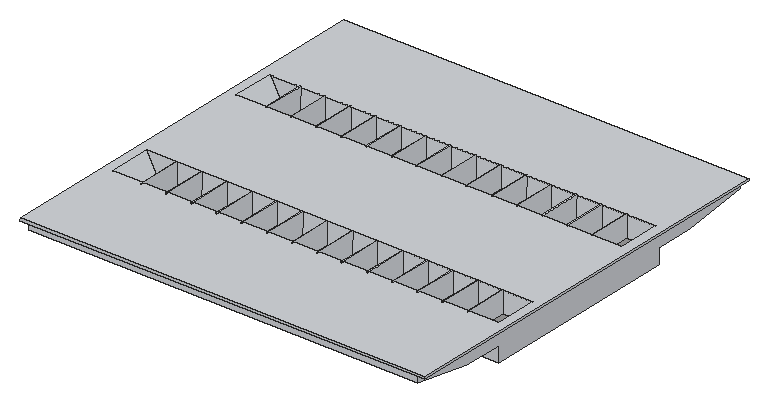
Revit family "0052576 Sylvania Lighting Fixture RANA NEO 3300LM REC 600x600 830 CC 2L WHITE", category Lighting Fixtures, host Face, Revit 2016
Family settings
  Host = Face
  Part Type = Normal
  Round Connector Dimension = Use Diameter
  OmniClass Number = 23.80.70.00
  OmniClass Title = Lighting
  Cut with Voids When Loaded = No
  Light Source = Yes
  Shared = No
  Room Calculation Point = No
Parameters (values of type "0052576 RANA NEO 3300LM R 600 830 CC 2L WHT")
  fin7 = 37 mm
  fin3 = 332 mm
  fin2 [instance] = 368 mm
  fin 6 = 110 mm
  fin 5 = 185 mm
  fin 4 = 258 mm
  fin 3 [instance] = 318 mm
  fin 2 = 407 mm
  fin 1 = 480 mm
  Width_SYL = if([600x600_SYL], 595 mm, if([625x625_SYL], 620 mm, if([1200_SYL], 296 mm, 306 mm)))  # 595 mm
  Weight = "n/a"
  Wattage Comments = ""
  Wattage = 28 W
  WarrantyStartDate [instance] = "n/a"
  WarrantyGuarantorParts = "n/a"
  WarrantyDurationUnit = "n/a"
  WarrantyDurationParts = ""
  WarrantyDescription = "http://www.sylvania-lighting.com"
  built-in parameter 1150110 = 1 (stored number, unit not read)
  Voltage = 0 V
  URL = "0.97"
  TypeName = "RANA NEO 3300LM REC 600x600 830 CC 2L WHITE"
  Type Image = <None>
  Type Comments = "n/a"
  built-in parameter 1114217 = 1 (stored number, unit not read)
  TopWidth_SYL = if([600x600_SYL], 295 mm, if([625x625_SYL], 295 mm, if([1200_SYL], 165 mm, 165 mm)))  # 295 mm
  Tilt Angle = -90.00°
  built-in parameter 1150109 = 1 (stored number, unit not read)
  built-in parameter 1150134 = (empty or 0)
  built-in parameter 1150113 = 1 (stored number, unit not read)
  SlopeTopWidth_SYL = if([600x600_SYL], 410 mm, if([625x625_SYL], 410 mm, if([1200_SYL], 168 mm, 168 mm)))  # 410 mm
  SlopeBottomWidth_SYL = if([600x600_SYL], 593 mm, if([625x625_SYL], 593 mm, if([1200_SYL], 244 mm, 244 mm)))  # 593 mm
  SlopeHeight_SYL = if([600x600_SYL], 17 mm, if([625x625_SYL], 17 mm, if([1200_SYL], 40 mm, 40 mm)))  # 17 mm
  SerialNumber [instance] = "n/a"
  ReflectorNumber_SYL = if([1Ref_SYL], 2, if([2Ref_SYL], 2, 3))  # 2
  ReflectorLength_SYL = Length_SYL - Inset_SYL * 2 - 5 mm  # 550 mm
  ReflectorInset_SYL = if([1Ref_SYL], 82.4 mm, if([2Ref_SYL], 30 mm, 30 mm))  # 30 mm
  Photometric Web File = ""
  built-in parameter 1150142 = (empty or 0)
  Material_3_SYL = none
  PowerFactor = 0.95
  PowerConsumption = "Lighting"
  NominalLength = 595 mm
  NominalHeight = 60 mm
  NominalDepth = 595 mm
  Name = "RANA NEO 3300LM REC 600x600 830 CC 2L WHITE"
  ModelReference = Name  # "RANA NEO 3300LM REC 600x600 830 CC 2L WHITE"
  ModelNumber = "0052576"
  Model = Name  # "RANA NEO 3300LM REC 600x600 830 CC 2L WHITE"
  Material = "Feilo Sylvania"
  ManufacturerName = "111 lm/W"
  Manufacturer = ""
  LuminousEfficacy = ""
  built-in parameter 1150105 = 222.82 (stored number, unit not read)
  Lumens = 2800 lm
  LuminaireType = "0"
  built-in parameter 1150115 = 1 (stored number, unit not read)
  LouverNumber_SYL = if([600x600_SYL], 14, if([625x625_SYL], 14, if([1200_SYL], 28, 28)))  # 14
  LightOutputRatio = "LED"
  built-in parameter 1150137 = (empty or 0)
  built-in parameter 1150139 = (empty or 0)
  Length_SYL = if([600x600_SYL], 595 mm, if([625x625_SYL], 620 mm, if([1200_SYL], 1196 mm, 1246 mm)))  # 595 mm
  LampsType = Lamp  # "n/a"
  LampNominalLuminous = "3000 K"
  LampMacAdamStep = "80"
  LampColourTemperature = "LED"
  LampColourRenderingIndex = "16500"
  built-in parameter 1150112 = 1 (stored number, unit not read)
  built-in parameter 1150114 = 1 (stored number, unit not read)
  Lamp = "n/a"
  LED position [instance] = 410 mm
  LED inside width = 165 mm
  LED inner void = 521.5 mm
  LED Width = 290 mm
  LED Length = 568 mm
  Keynote = "n/a"
  InstallationDate [instance] = "n/a"
  Inset_SYL = 20 mm  # constant formula
  InputVoltage = "0"
  InputNominalFrequency = "3000"
  built-in parameter 1150132 = (empty or 0)
  built-in parameter 1150102 = (empty or 0)
  built-in parameter 1150107 = 3000 (stored number, unit not read)
  built-in parameter 1150138 = (empty or 0)
  IngressProtection = "IfcLightFixtureType"
  ImpactProtectionIndex = "IfcLightFixtureType"
  built-in parameter 1150106 = 2.2282 (stored number, unit not read)
  IfcExportType = "IfcLightFixtureType"
  IfcExportAs = "Class I"
  Height = 52 mm
  Emit from Rectangle Width = if([1Ref_SYL], 48 mm, TopWidth_SYL - 13 mm)  # 282 mm
  Emit from Rectangle Length = ReflectorLength_SYL - 8 mm  # 542 mm
  Emit Shape Visible in Rendering = no
  ElectricShockClassification = "111"
  built-in parameter 1150104 = 9.2903 (stored number, unit not read)
  DocumentationLiterature = "http://www.sylvania-lighting.com/product/en-int/products/0052576"
  DimmingControlOptions = "n/a"
  Material_2_SYL = none
  Dimming Lamp Color Temperature Shift = <None>
  Description = "-"
  Default Elevation = 1219.2 mm
  CreatedOn = "25/11/2019"
  CreatedBy = "@sylvania-lighting.com"
  Cost = 0
  Color Filter = 16777215
  built-in parameter 1114216 [instance] = (empty or 0)
  ClassificationValue = "EF_70_80"
  ClassificationName = "Uniclass2015"
  Material_1_SYL = none
  BarCode [instance] = "n/a"
  built-in parameter 1114218 = 1 (stored number, unit not read)
  built-in parameter 1150133 = 10 (stored number, unit not read)
  AssetType = "Fixed"
  AssetIdentifier [instance] = "n/a"
  Assembly Code = "D5020200"
  Apparent Load = 30 VA
  Material_4_SYL = none
  625x625_SYL = no
  600x600_SYL = yes
  2Ref_SYL = yes
  1Ref_SYL = no
  1200_SYL = no
Reference planes
  plane 1 "Center (Front/Back)": y = 0
  plane 2: z = 0
  plane 3 "Center (Left/Right)": x = 0
  plane 4: x = 297.5
  plane 5: x = -297.5
  plane 6: y = 297.5
  plane 7: y = -297.5
  plane 8: z = -120
  plane 9: z = -3
  plane 10: z = -12
  plane 11: z = -29
  plane 12: z = -52
  plane 13: y = -296.5
  plane 14: y = 296.5
  plane 15: y = 145
  plane 16: y = -145
  plane 17: y = 82.5
  plane 18: y = -82.5
  plane 19: x = -284
  plane 20: x = 284
  plane 21: y = 141
  plane 22: y = 86.5
  plane 23: x = -264
  plane 24: x = 257.5
  plane 25: x = -286
  plane 26: x = 286
  plane 27: y = -86.5
  plane 28: y = -141
  plane 29: x = 18.5
  plane 30: x = -18.5
  plane 31: x = 55
  plane 32: x = -55
  plane 33: x = 92.5
  plane 34: x = -92.5
  plane 35: x = 129
  plane 36: x = -129
  plane 37: x = 166
  plane 38: x = -166
  plane 39: x = -203.5
  plane 40: x = 203.5
  plane 41: x = -240
  plane 42: x = 240
  plane 43: x = 169.5
  plane 44: x = 162.5
  plane 45: x = 166.5
  plane 46: x = 165.5
Forms (mm)
  Extrusion 1, void
    sketch origin (0, 0, 0) x (1, 0, 0) y (0, 1, 0)
      loop
        line (-297.5, 297.5) -> (-297.5, -297.5) -> (297.5, -297.5) -> (297.5, 297.5) -> (-297.5, 297.5)
    from -120 to 0
  Extrusion 2, solid, detail levels medium+fine
    sketch origin (0, 0, 0) x (0, 1, 0) y (0, 0, 1)
      loop
        line (-296.5, 0) -> (-296.5, -12) -> (-205, -29) -> (-147.5, -29) -> (-147.5, -52) -> (147.5, -52) -> (147.5, -29) -> (205, -29) -> (296.5, -17.514) -> (296.5, 0) -> (-296.5, 0)
    from -286 to 286
  Extrusion 3, solid, detail levels medium+fine
    sketch origin (275, 1524, 1219.2) x (0, 1, 0) y (0, 0, 1)
      loop
        line (-1226.5, -1222.2) -> (-1226.5, -1219.2) -> (-1820.5, -1219.2) -> (-1820.5, -1222.2) -> (-1226.5, -1222.2)
    from 11 to 22.5
  Extrusion 4, solid, detail levels medium+fine
    sketch origin (-275, 1524, 1219.2) x (0, 1, 0) y (0, 0, 1)
      loop
        line (-1820.5, -1222.2) -> (-1227.5, -1222.2) -> (-1227.5, -1219.2) -> (-1820.5, -1219.2) -> (-1820.5, -1222.2)
    from -11 to -22.5
  Extrusion 5, solid, detail levels medium+fine
    sketch origin (0, 0, 0) x (0, 1, 0) y (0, 0, 1)
      loop
        line (-297.5, 0) -> (-297.5, -3) -> (-296.5, -3) -> (-296.5, 0) -> (-297.5, 0)
      loop
        line (297.5, -3) -> (297.5, 0) -> (296.5, 0) -> (296.5, -3) -> (297.5, -3)
    from -297.5 to 297.5
  Blend 6, void
    base sketch origin (0, 0, 0) x (1, 0, 0) y (0, 1, 0)
      loop
        line (-284, 145) -> (-284, 82.5) -> (284, 82.5) -> (284, 145) -> (-284, 145)
    top sketch origin (0, 0, 0) x (1, 0, 0) y (0, 1, 0)
      loop
        line (-264, 141) -> (-264, 86.5) -> (257.5, 86.5) -> (257.5, 141) -> (-264, 141)
    from 0 to -29
  Blend 7, void
    base sketch origin (0, 0, 0) x (1, 0, 0) y (0, 1, 0)
      loop
        line (-284, -82.5) -> (-284, -145) -> (284, -145) -> (284, -82.5) -> (-284, -82.5)
    top sketch origin (0, 0, 0) x (1, 0, 0) y (0, 1, 0)
      loop
        line (257.5, -86.5) -> (-264, -86.5) -> (-264, -141) -> (257.5, -141) -> (257.5, -86.5)
    from 0 to -29
  Extrusion 8, solid, detail levels fine
    sketch origin (0, 0, 0) x (1, 0, 0) y (0, 0, 1)
      loop
        line (162.5, -29) -> (169.5, -29) -> (166.5, 0) -> (165.5, 0) -> (162.5, -29)
    from -145 to -82.5
  Extrusion 9, solid, detail levels fine
    sketch origin (37.5, 0, 0) x (1, 0, 0) y (0, 0, 1)
      loop
        line (162.5, -29) -> (169.5, -29) -> (166.5, 0) -> (165.5, 0) -> (162.5, -29)
    from -145 to -82.5
  Extrusion 10, solid, detail levels fine
    sketch origin (74, 0, 0) x (1, 0, 0) y (0, 0, 1)
      loop
        line (162.5, -29) -> (169.5, -29) -> (166.5, 0) -> (165.5, 0) -> (162.5, -29)
    from -145 to -82.5
  Extrusion 11, solid, detail levels fine
    sketch origin (-37, 0, 0) x (1, 0, 0) y (0, 0, 1)
      loop
        line (162.5, -29) -> (169.5, -29) -> (166.5, 0) -> (165.5, 0) -> (162.5, -29)
    from -145 to -82.5
  Extrusion 12, solid, detail levels fine
    sketch origin (-73.5, 0, 0) x (1, 0, 0) y (0, 0, 1)
      loop
        line (162.5, -29) -> (169.5, -29) -> (166.5, 0) -> (165.5, 0) -> (162.5, -29)
    from -145 to -82.5
  Extrusion 13, solid, detail levels fine
    sketch origin (-111, 0, 0) x (1, 0, 0) y (0, 0, 1)
      loop
        line (162.5, -29) -> (169.5, -29) -> (166.5, 0) -> (165.5, 0) -> (162.5, -29)
    from -145 to -82.5
  Extrusion 14, solid, detail levels fine
    sketch origin (-147.5, 0, 0) x (1, 0, 0) y (0, 0, 1)
      loop
        line (162.5, -29) -> (169.5, -29) -> (166.5, 0) -> (165.5, 0) -> (162.5, -29)
    from -145 to -82.5
  Extrusion 15, solid, detail levels fine
    sketch origin (-184.5, 0, 0) x (1, 0, 0) y (0, 0, 1)
      loop
        line (162.5, -29) -> (169.5, -29) -> (166.5, 0) -> (165.5, 0) -> (162.5, -29)
    from -145 to -82.5
  Extrusion 16, solid, detail levels fine
    sketch origin (-221, 0, 0) x (1, 0, 0) y (0, 0, 1)
      loop
        line (162.5, -29) -> (169.5, -29) -> (166.5, 0) -> (165.5, 0) -> (162.5, -29)
    from -145 to -82.5
  Extrusion 17, solid, detail levels fine
    sketch origin (-258.5, 0, 0) x (1, 0, 0) y (0, 0, 1)
      loop
        line (162.5, -29) -> (169.5, -29) -> (166.5, 0) -> (165.5, 0) -> (162.5, -29)
    from -145 to -82.5
  Extrusion 18, solid, detail levels fine
    sketch origin (-295, 0, 0) x (1, 0, 0) y (0, 0, 1)
      loop
        line (162.5, -29) -> (169.5, -29) -> (166.5, 0) -> (165.5, 0) -> (162.5, -29)
    from -145 to -82.5
  Extrusion 19, solid, detail levels fine
    sketch origin (-332, 0, 0) x (1, 0, 0) y (0, 0, 1)
      loop
        line (162.5, -29) -> (169.5, -29) -> (166.5, 0) -> (165.5, 0) -> (162.5, -29)
    from -145 to -82.5
  Extrusion 20, solid, detail levels fine
    sketch origin (-369.5, 0, 0) x (1, 0, 0) y (0, 0, 1)
      loop
        line (162.5, -29) -> (169.5, -29) -> (166.5, 0) -> (165.5, 0) -> (162.5, -29)
    from -145 to -82.5
  Extrusion 21, solid, detail levels fine
    sketch origin (-406, 0, 0) x (1, 0, 0) y (0, 0, 1)
      loop
        line (162.5, -29) -> (169.5, -29) -> (166.5, 0) -> (165.5, 0) -> (162.5, -29)
    from -145 to -82.5
  Extrusion 22, solid, detail levels fine
    sketch origin (-406.072, 0, -0.017) x (1, 0, 0) y (0, 0, 1)
      loop
        line (162.5, -29) -> (169.5, -29) -> (166.5, 0) -> (165.5, 0) -> (162.5, -29)
    from 82.5 to 147.5
  Extrusion 23, solid, detail levels fine
    sketch origin (-369.572, 0, -0.017) x (1, 0, 0) y (0, 0, 1)
      loop
        line (162.5, -29) -> (169.5, -29) -> (166.5, 0) -> (165.5, 0) -> (162.5, -29)
    from 82.5 to 147.5
  Extrusion 24, solid, detail levels fine
    sketch origin (-331.998, 0, -0.017) x (1, 0, 0) y (0, 0, 1)
      loop
        line (162.5, -29) -> (169.5, -29) -> (166.5, 0) -> (165.5, 0) -> (162.5, -29)
    from 82.5 to 147.5
  Extrusion 25, solid, detail levels fine
    sketch origin (-294.998, 0, -0.017) x (1, 0, 0) y (0, 0, 1)
      loop
        line (162.5, -29) -> (169.5, -29) -> (166.5, 0) -> (165.5, 0) -> (162.5, -29)
    from 82.5 to 147.5
  Extrusion 26, solid, detail levels fine
    sketch origin (-258.498, 0, -0.017) x (1, 0, 0) y (0, 0, 1)
      loop
        line (162.5, -29) -> (169.5, -29) -> (166.5, 0) -> (165.5, 0) -> (162.5, -29)
    from 82.5 to 147.5
  Extrusion 27, solid, detail levels fine
    sketch origin (-221, 0, -0.017) x (1, 0, 0) y (0, 0, 1)
      loop
        line (162.5, -29) -> (169.5, -29) -> (166.5, 0) -> (165.5, 0) -> (162.5, -29)
    from 82.5 to 147.5
  Extrusion 28, solid, detail levels fine
    sketch origin (-184.5, 0, -0.017) x (1, 0, 0) y (0, 0, 1)
      loop
        line (162.5, -29) -> (169.5, -29) -> (166.5, 0) -> (165.5, 0) -> (162.5, -29)
    from 82.5 to 147.5
  Extrusion 29, solid, detail levels fine
    sketch origin (-147.5, 0, -0.017) x (1, 0, 0) y (0, 0, 1)
      loop
        line (162.5, -29) -> (169.5, -29) -> (166.5, 0) -> (165.5, 0) -> (162.5, -29)
    from 82.5 to 147.5
  Extrusion 30, solid, detail levels fine
    sketch origin (-111, 0, -0.017) x (1, 0, 0) y (0, 0, 1)
      loop
        line (162.5, -29) -> (169.5, -29) -> (166.5, 0) -> (165.5, 0) -> (162.5, -29)
    from 82.5 to 147.5
  Extrusion 31, solid, detail levels fine
    sketch origin (-73.5, 0, -0.017) x (1, 0, 0) y (0, 0, 1)
      loop
        line (162.5, -29) -> (169.5, -29) -> (166.5, 0) -> (165.5, 0) -> (162.5, -29)
    from 82.5 to 147.5
  Extrusion 32, solid, detail levels fine
    sketch origin (-37, 0, -0.017) x (1, 0, 0) y (0, 0, 1)
      loop
        line (162.5, -29) -> (169.5, -29) -> (166.5, 0) -> (165.5, 0) -> (162.5, -29)
    from 82.5 to 147.5
  Extrusion 33, solid, detail levels fine
    sketch origin (0, 0, -0.017) x (1, 0, 0) y (0, 0, 1)
      loop
        line (162.5, -29) -> (169.5, -29) -> (166.5, 0) -> (165.5, 0) -> (162.5, -29)
    from 82.5 to 147.5
  Extrusion 34, solid, detail levels fine
    sketch origin (37.5, 0, -0.017) x (1, 0, 0) y (0, 0, 1)
      loop
        line (162.5, -29) -> (169.5, -29) -> (166.5, 0) -> (165.5, 0) -> (162.5, -29)
    from 82.5 to 147.5
  Extrusion 35, solid, detail levels fine
    sketch origin (74, 0, -0.017) x (1, 0, 0) y (0, 0, 1)
      loop
        line (162.5, -29) -> (169.5, -29) -> (166.5, 0) -> (165.5, 0) -> (162.5, -29)
    from 82.5 to 147.5
  Extrusion 36, solid, material "Glass, White, High Luminance", detail levels fine
    sketch origin (0, 0, 0) x (1, 0, 0) y (0, 1, 0)
      loop
        line (-264, 141) -> (-264, 86.5) -> (257.5, 86.5) -> (257.5, 141) -> (-264, 141)
    from -29 to -28
  Extrusion 37, solid, material "Glass, White, High Luminance", detail levels fine
    sketch origin (0, 0, 0) x (1, 0, 0) y (0, 1, 0)
      loop
        line (-264, -86.5) -> (-264, -141) -> (257.5, -141) -> (257.5, -86.5) -> (-264, -86.5)
    from -29 to -28
  Extrusion 38, solid, detail levels coarse
    sketch origin (0, 0, 0) x (1, 0, 0) y (0, 1, 0)
      loop
        line (-297.5, 297.5) -> (-297.5, -297.5) -> (297.5, -297.5) -> (297.5, 297.5) -> (-297.5, 297.5)
    from -52 to 0
Cuts and joins
  Blend 6, Blend 7 cuts Extrusion 2
  Blend 6, Blend 7 cuts Extrusion 3
  Blend 6, Blend 7 cuts Extrusion 4
  Blend 6, Blend 7 cuts Extrusion 5
  joined: Extrusion 2, Extrusion 3, Extrusion 4, Extrusion 5
Dimensions and locks
  "Length_SYL": plane 5 to plane 4
  locked: plane 2 to plane 8 at 120
  locked: plane 2 to plane 9 at 3
  locked: plane 2 to plane 10 at 12
  "SlopeHeight_SYL": plane 11 to plane 10
  "Height": plane 2 to plane 12
  equal spacing: plane 13, plane 1 "Center (Front/Back)", plane 14
  "SlopeBottomWidth_SYL": plane 13 to plane 14
  "LED Width": plane 15 to plane 16
  equal spacing: plane 15, plane 1 "Center (Front/Back)", plane 16
  "LED inside width": plane 17 to plane 18
  equal spacing: plane 17, plane 1 "Center (Front/Back)", plane 18
  "LED Length": plane 19 to plane 20
  equal spacing: plane 19, plane 3 "Center (Left/Right)", plane 20
  "LED inner void": plane 23 to plane 24
  "fin7": plane 29 to plane 30
  equal spacing: plane 29, plane 3 "Center (Left/Right)", plane 30
  "fin 6": plane 31 to plane 32
  equal spacing: plane 31, plane 3 "Center (Left/Right)", plane 32
  "fin 5": plane 33 to plane 34
  equal spacing: plane 33, plane 3 "Center (Left/Right)", plane 34
  "fin 4": plane 35 to plane 36
  equal spacing: plane 35, plane 3 "Center (Left/Right)", plane 36
  "fin 2": plane 40 to plane 39
  equal spacing: plane 40, plane 3 "Center (Left/Right)", plane 39
  "fin3": plane 37 to plane 38
  equal spacing: plane 37, plane 3 "Center (Left/Right)", plane 38
  "fin 1": plane 42 to plane 41
  equal spacing: plane 42, plane 3 "Center (Left/Right)", plane 41
  aligned and locked: plane 2 to host face
  aligned and locked: level to host face
  aligned and locked: plane 6 to Extrusion 1 sketch curve
  aligned and locked: plane 5 to Extrusion 1 sketch curve
  aligned and locked: Extrusion 1 sketch curve to plane 7
  aligned and locked: Extrusion 1 sketch curve to plane 4
  aligned and locked: level to Extrusion 1
  aligned and locked: plane 8 to Extrusion 1
  aligned and locked: plane 2 to Extrusion 1
  aligned and locked: plane 10 to Extrusion 2 sketch curve
  aligned and locked: plane 12 to Extrusion 2 sketch curve
  aligned and locked: plane 11 to Extrusion 2 sketch curve  (x2)
  aligned and locked: Extrusion 2 sketch curve to level
  aligned and locked: Extrusion 3 sketch curve to Extrusion 2
  aligned and locked: plane 6 to Extrusion 3 sketch curve
  aligned and locked: plane 4 to Extrusion 3
  aligned and locked: cut or joined group of Extrusion 2, Extrusion 3, Extrusion 4, Extrusion 5, Blend 6, Blend 7 to Extrusion 4 sketch curve  (x3)
  aligned and locked: Extrusion 4 sketch curve to cut or joined group of Extrusion 2, Extrusion 3, Extrusion 4, Extrusion 5, Blend 6, Blend 7
  aligned and locked: Extrusion 4 to plane 5
  aligned and locked: Extrusion 3 to Extrusion 2
  aligned and locked: Extrusion 4 to Extrusion 2
  aligned and locked: plane 14 to Extrusion 2 sketch curve
  aligned and locked: plane 13 to Extrusion 2 sketch curve
  aligned and locked: Extrusion 5 sketch curve to level  (x2)
  aligned and locked: Extrusion 5 sketch curve to plane 7
  aligned and locked: Extrusion 5 sketch curve to cut or joined group of Extrusion 2, Extrusion 3, Extrusion 4, Extrusion 5, Blend 6, Blend 7  (x4)
  aligned and locked: cut or joined group of Extrusion 2, Extrusion 3, Extrusion 4, Extrusion 5, Blend 6, Blend 7 to Extrusion 5 sketch curve
  aligned and locked: Extrusion 5 to plane 5
  aligned and locked: plane 4 to Extrusion 5
Automatic sketch dimensions
  host sketch curve to host sketch curve = 1219.2 mm
  host sketch curve to host sketch curve = 1211.616 mm
  Extrusion 2 sketch curve to plane 16 = 60 mm
  Extrusion 2 sketch curve to plane 16 = 2.5 mm
  plane 15 to Extrusion 2 sketch curve = 2.5 mm
  Extrusion 2 sketch curve to Extrusion 2 sketch curve = 57.5 mm
  plane 10 to Extrusion 2 sketch curve = 5.514 mm
  plane 9 to Extrusion 3 sketch curve = 0 mm
  Extrusion 3 sketch curve to plane 13 = 0 mm
  Blend 6 sketch curve to plane 17 = 0 mm
  Blend 6 sketch curve to plane 19 = 0 mm
  Blend 6 sketch curve to plane 20 = 0 mm
  Blend 6 sketch curve to plane 15 = 0 mm
  Blend 6 sketch curve to plane 22 = 0 mm
  Blend 6 sketch curve to plane 23 = 0 mm
  Blend 6 sketch curve to plane 24 = 0 mm
  Blend 6 sketch curve to plane 21 = 0 mm
  Blend 7 sketch curve to plane 16 = 0 mm
  Blend 7 sketch curve to plane 19 = 0 mm
  Blend 7 sketch curve to plane 20 = 0 mm
  Blend 7 sketch curve to plane 18 = 0 mm
  Blend 7 sketch curve to plane 23 = 0 mm
  Blend 7 sketch curve to plane 24 = 0 mm
  Blend 7 sketch curve to plane 28 = 0 mm
  Blend 7 sketch curve to plane 27 = 0 mm
  Extrusion 8 sketch curve to plane 11 = 0 mm
  Extrusion 8 sketch curve to plane 44 = 0 mm
  Extrusion 8 sketch curve to level = 0 mm
  Extrusion 8 sketch curve to plane 46 = 0 mm
  Extrusion 8 sketch curve to plane 45 = 0 mm
  Extrusion 8 sketch curve to plane 43 = 0 mm
  Extrusion 9 sketch curve to plane 11 = 0 mm
  Extrusion 9 sketch curve to level = 0 mm
  Extrusion 9 sketch curve to plane 40 = 3.5 mm
  Extrusion 9 sketch curve to plane 40 = 0.5 mm
  plane 40 to Extrusion 9 sketch curve = 0.5 mm
  plane 40 to Extrusion 9 sketch curve = 3.5 mm
  Extrusion 10 sketch curve to plane 11 = 0 mm
  Extrusion 10 sketch curve to level = 0 mm
  Extrusion 10 sketch curve to plane 42 = 3.5 mm
  Extrusion 10 sketch curve to plane 42 = 0.5 mm
  plane 42 to Extrusion 10 sketch curve = 0.5 mm
  plane 42 to Extrusion 10 sketch curve = 3.5 mm
  Extrusion 11 sketch curve to plane 11 = 0 mm
  Extrusion 11 sketch curve to level = 0 mm
  Extrusion 11 sketch curve to plane 35 = 3.5 mm
  Extrusion 11 sketch curve to plane 35 = 0.5 mm
  plane 35 to Extrusion 11 sketch curve = 0.5 mm
  plane 35 to Extrusion 11 sketch curve = 3.5 mm
  Extrusion 12 sketch curve to plane 11 = 0 mm
  Extrusion 12 sketch curve to level = 0 mm
  Extrusion 12 sketch curve to plane 33 = 3.5 mm
  Extrusion 12 sketch curve to plane 33 = 0.5 mm
  plane 33 to Extrusion 12 sketch curve = 0.5 mm
  plane 33 to Extrusion 12 sketch curve = 3.5 mm
  Extrusion 13 sketch curve to plane 11 = 0 mm
  Extrusion 13 sketch curve to level = 0 mm
  Extrusion 13 sketch curve to plane 31 = 3.5 mm
  Extrusion 13 sketch curve to plane 31 = 0.5 mm
  plane 31 to Extrusion 13 sketch curve = 0.5 mm
  plane 31 to Extrusion 13 sketch curve = 3.5 mm
  Extrusion 14 sketch curve to plane 11 = 0 mm
  Extrusion 14 sketch curve to level = 0 mm
  Extrusion 14 sketch curve to plane 29 = 3.5 mm
  Extrusion 14 sketch curve to plane 29 = 0.5 mm
  plane 29 to Extrusion 14 sketch curve = 0.5 mm
  plane 29 to Extrusion 14 sketch curve = 3.5 mm
  Extrusion 15 sketch curve to plane 11 = 0 mm
  Extrusion 15 sketch curve to level = 0 mm
  Extrusion 15 sketch curve to plane 30 = 3.5 mm
  Extrusion 15 sketch curve to plane 30 = 0.5 mm
  plane 30 to Extrusion 15 sketch curve = 0.5 mm
  plane 30 to Extrusion 15 sketch curve = 3.5 mm
  Extrusion 16 sketch curve to plane 11 = 0 mm
  Extrusion 16 sketch curve to level = 0 mm
  Extrusion 16 sketch curve to plane 32 = 3.5 mm
  Extrusion 16 sketch curve to plane 32 = 0.5 mm
  plane 32 to Extrusion 16 sketch curve = 0.5 mm
  plane 32 to Extrusion 16 sketch curve = 3.5 mm
  Extrusion 17 sketch curve to plane 11 = 0 mm
  Extrusion 17 sketch curve to level = 0 mm
  Extrusion 17 sketch curve to plane 34 = 3.5 mm
  Extrusion 17 sketch curve to plane 34 = 0.5 mm
  plane 34 to Extrusion 17 sketch curve = 0.5 mm
  plane 34 to Extrusion 17 sketch curve = 3.5 mm
  Extrusion 18 sketch curve to plane 11 = 0 mm
  Extrusion 18 sketch curve to level = 0 mm
  Extrusion 18 sketch curve to plane 36 = 3.5 mm
  Extrusion 18 sketch curve to plane 36 = 0.5 mm
  plane 36 to Extrusion 18 sketch curve = 0.5 mm
  plane 36 to Extrusion 18 sketch curve = 3.5 mm
  Extrusion 19 sketch curve to plane 11 = 0 mm
  Extrusion 19 sketch curve to level = 0 mm
  Extrusion 19 sketch curve to plane 38 = 3.5 mm
  Extrusion 19 sketch curve to plane 38 = 0.5 mm
  plane 38 to Extrusion 19 sketch curve = 0.5 mm
  plane 38 to Extrusion 19 sketch curve = 3.5 mm
  Extrusion 20 sketch curve to plane 11 = 0 mm
  Extrusion 20 sketch curve to level = 0 mm
  Extrusion 20 sketch curve to plane 39 = 3.5 mm
  Extrusion 20 sketch curve to plane 39 = 0.5 mm
  plane 39 to Extrusion 20 sketch curve = 0.5 mm
  plane 39 to Extrusion 20 sketch curve = 3.5 mm
  Extrusion 21 sketch curve to plane 11 = 0 mm
  Extrusion 21 sketch curve to level = 0 mm
  Extrusion 21 sketch curve to plane 41 = 3.5 mm
  Extrusion 21 sketch curve to plane 41 = 0.5 mm
  plane 41 to Extrusion 21 sketch curve = 0.5 mm
  plane 41 to Extrusion 21 sketch curve = 3.5 mm
  plane 11 to Extrusion 22 sketch curve = 0.017 mm
  Extrusion 22 sketch curve to plane 41 = 3.572 mm
  Extrusion 22 sketch curve to level = 0.017 mm
  Extrusion 22 sketch curve to plane 41 = 0.572 mm
  plane 41 to Extrusion 22 sketch curve = 0.428 mm
  plane 41 to Extrusion 22 sketch curve = 3.428 mm
  plane 11 to Extrusion 23 sketch curve = 0.017 mm
  Extrusion 23 sketch curve to plane 39 = 3.572 mm
  Extrusion 23 sketch curve to level = 0.017 mm
  Extrusion 23 sketch curve to plane 39 = 0.572 mm
  plane 39 to Extrusion 23 sketch curve = 0.428 mm
  plane 39 to Extrusion 23 sketch curve = 3.428 mm
  plane 11 to Extrusion 24 sketch curve = 0.017 mm
  Extrusion 24 sketch curve to plane 38 = 3.498 mm
  Extrusion 24 sketch curve to level = 0.017 mm
  Extrusion 24 sketch curve to plane 38 = 0.498 mm
  plane 38 to Extrusion 24 sketch curve = 0.502 mm
  plane 38 to Extrusion 24 sketch curve = 3.502 mm
  plane 11 to Extrusion 25 sketch curve = 0.017 mm
  Extrusion 25 sketch curve to plane 36 = 3.498 mm
  Extrusion 25 sketch curve to level = 0.017 mm
  Extrusion 25 sketch curve to plane 36 = 0.498 mm
  plane 36 to Extrusion 25 sketch curve = 0.502 mm
  plane 36 to Extrusion 25 sketch curve = 3.502 mm
  plane 11 to Extrusion 26 sketch curve = 0.017 mm
  Extrusion 26 sketch curve to plane 34 = 3.498 mm
  Extrusion 26 sketch curve to level = 0.017 mm
  Extrusion 26 sketch curve to plane 34 = 0.498 mm
  plane 34 to Extrusion 26 sketch curve = 0.502 mm
  plane 34 to Extrusion 26 sketch curve = 3.502 mm
  plane 11 to Extrusion 27 sketch curve = 0.017 mm
  Extrusion 27 sketch curve to plane 32 = 3.5 mm
  Extrusion 27 sketch curve to level = 0.017 mm
  Extrusion 27 sketch curve to plane 32 = 0.5 mm
  plane 32 to Extrusion 27 sketch curve = 0.5 mm
  plane 32 to Extrusion 27 sketch curve = 3.5 mm
  plane 11 to Extrusion 28 sketch curve = 0.017 mm
  Extrusion 28 sketch curve to plane 30 = 3.5 mm
  Extrusion 28 sketch curve to level = 0.017 mm
  Extrusion 28 sketch curve to plane 30 = 0.5 mm
  plane 30 to Extrusion 28 sketch curve = 0.5 mm
  plane 30 to Extrusion 28 sketch curve = 3.5 mm
  plane 11 to Extrusion 29 sketch curve = 0.017 mm
  Extrusion 29 sketch curve to plane 29 = 3.5 mm
  Extrusion 29 sketch curve to level = 0.017 mm
  Extrusion 29 sketch curve to plane 29 = 0.5 mm
  plane 29 to Extrusion 29 sketch curve = 0.5 mm
  plane 29 to Extrusion 29 sketch curve = 3.5 mm
  plane 11 to Extrusion 30 sketch curve = 0.017 mm
  Extrusion 30 sketch curve to plane 31 = 3.5 mm
  Extrusion 30 sketch curve to level = 0.017 mm
  Extrusion 30 sketch curve to plane 31 = 0.5 mm
  plane 31 to Extrusion 30 sketch curve = 0.5 mm
  plane 31 to Extrusion 30 sketch curve = 3.5 mm
  plane 11 to Extrusion 31 sketch curve = 0.017 mm
  Extrusion 31 sketch curve to plane 33 = 3.5 mm
  Extrusion 31 sketch curve to level = 0.017 mm
  Extrusion 31 sketch curve to plane 33 = 0.5 mm
  plane 33 to Extrusion 31 sketch curve = 0.5 mm
  plane 33 to Extrusion 31 sketch curve = 3.5 mm
  plane 11 to Extrusion 32 sketch curve = 0.017 mm
  Extrusion 32 sketch curve to plane 35 = 3.5 mm
  Extrusion 32 sketch curve to level = 0.017 mm
  Extrusion 32 sketch curve to plane 35 = 0.5 mm
  plane 35 to Extrusion 32 sketch curve = 0.5 mm
  plane 35 to Extrusion 32 sketch curve = 3.5 mm
  Extrusion 33 sketch curve to plane 44 = 0 mm
  Extrusion 33 sketch curve to plane 46 = 0 mm
  Extrusion 33 sketch curve to plane 45 = 0 mm
  Extrusion 33 sketch curve to plane 43 = 0 mm
  plane 11 to Extrusion 33 sketch curve = 0.017 mm
  Extrusion 33 sketch curve to level = 0.017 mm
  plane 11 to Extrusion 34 sketch curve = 0.017 mm
  Extrusion 34 sketch curve to plane 40 = 3.5 mm
  Extrusion 34 sketch curve to level = 0.017 mm
  Extrusion 34 sketch curve to plane 40 = 0.5 mm
  plane 40 to Extrusion 34 sketch curve = 0.5 mm
  plane 40 to Extrusion 34 sketch curve = 3.5 mm
  plane 11 to Extrusion 35 sketch curve = 0.017 mm
  Extrusion 35 sketch curve to plane 42 = 3.5 mm
  Extrusion 35 sketch curve to level = 0.017 mm
  Extrusion 35 sketch curve to plane 42 = 0.5 mm
  plane 42 to Extrusion 35 sketch curve = 0.5 mm
  plane 42 to Extrusion 35 sketch curve = 3.5 mm
  Extrusion 36 sketch curve to plane 22 = 0 mm
  Extrusion 36 sketch curve to plane 23 = 0 mm
  Extrusion 36 sketch curve to plane 24 = 0 mm
  Extrusion 36 sketch curve to plane 21 = 0 mm
  Extrusion 37 sketch curve to plane 23 = 0 mm
  Extrusion 37 sketch curve to plane 24 = 0 mm
  Extrusion 37 sketch curve to plane 28 = 0 mm
  Extrusion 37 sketch curve to plane 27 = 0 mm
  Extrusion 38 sketch curve to plane 5 = 0 mm
  Extrusion 38 sketch curve to plane 4 = 0 mm
  plane 7 to Extrusion 38 sketch curve = 0 mm
  plane 6 to Extrusion 38 sketch curve = 0 mm
Connectors
  electrical at (0, 0, -52), driven by "Voltage", driven by "Apparent Load", driven by "PowerFactor"
    settings: on cut or joined group of Extrusion 2, Extrusion 3, Extrusion 4, Extrusion 5, Blend 6, Blend 7, index 1, voltage 0 V, apparent load 30 VA, apparent load phase1 0 VA, apparent load phase2 0 VA, apparent load phase3 0 VA, power factor 0.95, load classification "Lighting", number of poles 1, system type 30, power factor state 1, is connector primary yes, connector utility no, sub classification motor no, connector description ""
